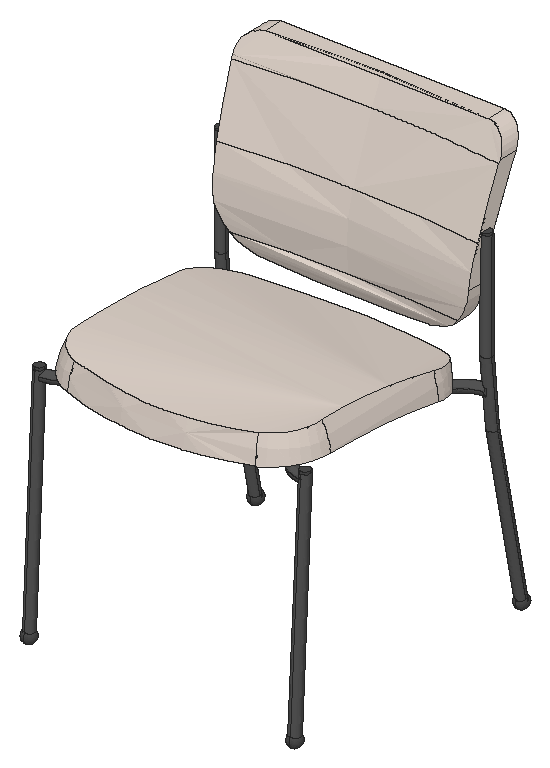
Revit family "Seating_Inc-Monterey_ll_Guest", category Furniture, Revit 2014
Parameters (values of type "Q-3MO43-A")
  Width = 20 1/2"
  URL = "www.seatinginc.com"
  Type Comments = "Quick Configuration"  # constant formula
  Seat Finish = STI - Leather
  Salvage or Reuse = yes
  Plastic Finish = STI - Plastic Black
  Percentage of Recycled Content = 0
  Model = "Q-3MO43-A"
  Manufacturer = "Seating Inc"  # constant formula
  Low Emitting Material = yes
  Low Emitting Finish = yes
  Leg Finish = STI - Power Coat - Black
  Leg Dist = 16 7/8"
  Keynote = "12500"
  Height = 32"
  Hardware = 17.6698"
  Glide Finish = STI - Plastic Black
  Description = "Monterey II Guest Guest Armless 20.5W x 23.25D x 32H"
  Depth = 23 1/4"
  Back Finish = STI - Leather
  Assembly Code = "E2020200"
  Arm V = no
  Arm Finish = STI - Plastic Black
Types (3): name | Width | Model | Leg Dist | Height | Hardware | Description | Depth | Arm V
  (no name) | 20 1/2" | "Q-3MO43-A" | 16 7/8" | 32" | 17.6698" | "Monterey II Guest Guest Armless 20.5W x 23.25D x 32H" | 23 1/4" | no
  Q-3MO43-A | 20 1/2" | "Q-3MO43-A" | 16 7/8" | 32" | 17.6698" | "Monterey II Guest Guest Armless 20.5W x 23.25D x 32H" | 23 1/4" | no
  Q-3MO44-B | 24" | "Q-3MO44-B" | 25 1/4" | 31 1/2" | 26 1/32" | "Monterey II Guest Guest with Arms 24W x 23.25D x 32H" | 23 3/4" | yes
Reference planes (in)
  plane 1 "Center Front/Back": y = 0
  plane 2: z = 0
  plane 3 "Center Left/Right": x = 0
Forms (in)
  Blend 1, solid, material "STI - Power Coat - Black" <- "Leg Finish"
    base sketch origin (-2.77027, -2.99565, 0.875) x (0, -1, 0) y (1, 0, 0)
      loop
        circle (4.82088, -6.97033) r 0.375
    top sketch origin (-2.77027, -2.99565, 0) x (0, -1, 0) y (1, 0, 0)
      loop
        circle (3.87848, -6.97033) r 0.375
    from -0.08475 to 17.66525
  Revolve 2, solid, material "STI - Plastic Black" <- "Glide Finish"
    sketch origin (-9.7406, 0, 0) x (0, 1, 0) y (0, 0, 1)
      loop
        line (-7.81653, 1) -> (-7.81653, 0)
        arc (-7.81653, 0) -> (-7.31653, 0.5) -> (-7.81653, 1) r 0.5
      axis (-7.81653, 1) -> (-7.81653, 0)
    angle from 0 to 360
  Blend 3, solid, material "STI - Power Coat - Black" <- "Leg Finish"
    base sketch origin (2.77027, -2.99565, 0.875) x (0, -1, 0) y (1, 0, 0)
      loop
        circle (4.82088, 6.97033) r 0.375
    top sketch origin (2.77027, -2.99565, 0) x (0, -1, 0) y (1, 0, 0)
      loop
        circle (3.87848, 6.97033) r 0.375
    from -0.08475 to 17.66525
  Revolve 4, solid, material "STI - Plastic Black" <- "Glide Finish"
    sketch origin (9.7406, 0, 0) x (0, 1, 0) y (0, 0, -1)
      loop
        arc (-7.81653, -1) -> (-7.31653, -0.5) -> (-7.81653, 0) r 0.5
        line (-7.81653, 0) -> (-7.81653, -1)
      axis (-7.81653, -1) -> (-7.81653, 0)
    angle from 0 to 360
  Sweep 5, solid, material "STI - Power Coat - Black" <- "Leg Finish"
    path origin (-9.741, -5.15274, -5.3246) x (0, 1, 0) y (0, 0, 1)
      loop
        line (14.92089, 31.35235) -> (14.92089, 23.37993)
        arc (14.92089, 23.37993) -> (15.05273, 20.85471) -> (15.44681, 18.35695) r 24.25
        line (15.44681, 18.35695) -> (18.10825, 5.78669)
    profile origin (-9.741, 9.76815, 22.04154) x (1, 0, 0) y (0, 1, 0)
      loop
        circle (0, 0) r 0.375
  Revolve 6, solid, material "STI - Plastic Black" <- "Glide Finish"
    sketch origin (-9.7406, 20.7731, 0) x (0, 1, 0) y (0, 0, 1)
      loop
        line (-7.81653, 1) -> (-7.81653, 0)
        arc (-7.81653, 0) -> (-7.31653, 0.5) -> (-7.81653, 1) r 0.5
      axis (-7.81653, 1) -> (-7.81653, 0)
    angle from 0 to 360
  Revolve 7, solid, material "STI - Plastic Black" <- "Glide Finish"
    sketch origin (9.7406, 20.7731, 0) x (0, 1, 0) y (0, 0, -1)
      loop
        arc (-7.81653, -1) -> (-7.31653, -0.5) -> (-7.81653, 0) r 0.5
        line (-7.81653, 0) -> (-7.81653, -1)
      axis (-7.81653, -1) -> (-7.81653, 0)
    angle from 0 to 360
  Sweep 8, solid, material "STI - Power Coat - Black" <- "Leg Finish"
    path origin (9.741, -5.15274, -5.3246) x (0, 1, 0) y (0, 0, -1)
      loop
        line (14.92089, -31.35235) -> (14.92089, -23.37993)
        arc (14.92089, -23.37993) -> (15.05273, -20.85471) -> (15.44681, -18.35695) r 24.25
        line (15.44681, -18.35695) -> (18.10825, -5.78669)
    profile origin (9.741, 9.76815, 22.04154) x (-1, 0, 0) y (0, -1, 0)
      loop
        circle (0, 0) r 0.375
  Sweep 9, solid, material "STI - Power Coat - Black" <- "Leg Finish"
    path origin (-1.875, -0.19224, 16.11549) x (1, 0, 0) y (0, 0.995453, -0.095252)
      loop
        arc (-7.88743, -6.7646) -> (-6.42845, -6.16027) -> (-5.82413, -4.7013) r 2.0633
        line (-5.82413, -4.7013) -> (-5.82413, 8.00964)
        arc (-5.82413, 8.00964) -> (-6.42845, 9.46861) -> (-7.88743, 10.07294) r 2.0633
    profile origin (-7.69913, 1.45441, 15.95793) x (-1, 0, 0) y (0, 0.095252, 0.995453)
      loop
        circle (0, 0.5) r 0.375
  Sweep 10, solid, material "STI - Power Coat - Black" <- "Leg Finish"
    path origin (1.875, -0.19224, 16.11549) x (-1, 0, 0) y (0, -0.995453, 0.095252)
      loop
        arc (-7.88743, 6.7646) -> (-6.42845, 6.16027) -> (-5.82413, 4.7013) r 2.0633
        line (-5.82413, 4.7013) -> (-5.82413, -8.00964)
        arc (-5.82413, -8.00964) -> (-6.42845, -9.46861) -> (-7.88743, -10.07294) r 2.0633
    profile origin (7.69913, 1.45441, 15.95793) x (-1, 0, 0) y (0, 0.095252, 0.995453)
      loop
        circle (0, 0.5) r 0.375
  Extrusion 11, solid, material "STI - Plastic Black" <- "Plastic Finish"
    sketch origin (0, -16.64228, -7.60073) x (1, 0, 0) y (0, 1, 0)
      loop
        circle (-9.741, 9.76815) r 0.36147
    from 25.27053 to 25.42053
  Extrusion 12, solid, material "STI - Plastic Black" <- "Plastic Finish"
    sketch origin (0, 0, 0.75723) x (-1, 0, 0) y (0, -1, 0)
      loop
        circle (-9.741, -9.76815) r 0.36147
    from 25.27053 to 25.42053
  Extrusion 13, solid, material "STI - Plastic Black" <- "Plastic Finish"
    sketch origin (0, -16.64228, -7.60073) x (-1, 0, 0) y (0, -1, 0)
      loop
        circle (-9.741, -9.76815) r 0.36147
    from 25.27053 to 25.42053
  Sweep 14, solid, material "STI - Leather" <- "Seat Finish"
    path origin (0, 0, -30.32893) x (1, 0, 0) y (0, 0, 1)
      loop
        arc (-10.52093, 48.8897) -> (0, 48.59123) -> (10.52093, 48.8897) r 185.5779
    profile origin (0, 0, 18.2623) x (0, 0, 1) y (0, -1, 0)
      loop
        line (0.71232, 10.02349) -> (-1.09956, 10.02349)
        arc (-1.09956, 10.02349) -> (-1.03554, -0.75142) -> (-3.16512, -11.31399) r 52.6816
        line (-3.16512, -11.31399) -> (-1.37216, -11.31399)
        arc (-1.37216, -11.31399) -> (0.95547, -0.77082) -> (0.71232, 10.02349) r 45.1318
  Sweep 15, void
    path origin (0, -37.49845, 0) x (1, 0, 0) y (0, 1, 0)
      loop
        arc (-6.51959, 45.19073) -> (-7.74255, 44.36235) -> (-8.2144, 42.96263) r 2.312
        line (-8.2144, 42.96263) -> (-8.2144, 33.19141)
        arc (-8.2144, 33.19141) -> (-7.74255, 31.79169) -> (-6.51959, 30.96331) r 2.312
        arc (-6.51959, 30.96331) -> (0, 30.07702) -> (6.51959, 30.96331) r 24.4224
        arc (6.51959, 30.96331) -> (7.74255, 31.79169) -> (8.2144, 33.19141) r 2.312
        line (8.2144, 33.19141) -> (8.2144, 42.96263)
        arc (8.2144, 42.96263) -> (7.74255, 44.36235) -> (6.51959, 45.19073) r 2.312
        arc (6.51959, 45.19073) -> (0, 46.07702) -> (-6.51959, 45.19073) r 24.4224
    profile origin (0, 8.57857, 0) x (0, 1, 0) y (0, 0, 1)
      loop
        arc (0.17619, 20.49211) -> (1.3109, 17.89976) -> (1.13126, 15.07566) r 6
        line (1.13126, 15.07566) -> (5.33119, 15.07566) -> (5.33119, 20.49211) -> (0.17619, 20.49211)
  Extrusion 16, solid, material "STI - Plastic Black" <- "Plastic Finish"
    sketch origin (-19.482, 0, 0.75723) x (-1, 0, 0) y (0, -1, 0)
      loop
        circle (-9.741, -9.76815) r 0.36147
    from 25.27053 to 25.42053
  Sweep 17, solid, material "STI - Leather" <- "Back Finish"
    path origin (0, -25.75, 0) x (1, 0, 0) y (0, 1, 0)
      loop
        arc (-11.95329, 44.11598) -> (0, 44.89944) -> (11.95329, 44.11598) r 91.57773
    profile origin (0, 19.14944, 0) x (0, 1, 0) y (0, 0, 1)
      loop
        arc (-9.89737, 20.17613) -> (-9.01792, 17.89916) -> (-7.30461, 16.16059) r 6.00255
        line (-7.30461, 16.16059) -> (-6.61128, 17.20068)
        arc (-6.61128, 17.20068) -> (-7.9678, 18.5772) -> (-8.6641, 20.38001) r 4.75255
        arc (-8.6641, 20.38001) -> (-8.76158, 22.79256) -> (-8.26646, 25.15578) r 9.80416
        arc (-8.26646, 25.15578) -> (-7.45552, 27.42499) -> (-6.58474, 29.67192) r 90.94179
        arc (-6.58474, 29.67192) -> (-5.57372, 31.79429) -> (-4.30961, 33.77637) r 19.09772
        line (-4.30961, 33.77637) -> (-5.32014, 34.51212)
        arc (-5.32014, 34.51212) -> (-6.667, 32.40031) -> (-7.74419, 30.13902) r 20.34772
        arc (-7.74419, 30.13902) -> (-8.62694, 27.8612) -> (-9.44902, 25.5608) r 92.19179
        arc (-9.44902, 25.5608) -> (-10.00727, 22.89628) -> (-9.89737, 20.17613) r 11.05416
  Extrusion 18, void
    sketch origin (0, -34.375, 0) x (1, 0, 0) y (0, 0, 1)
      loop
        arc (-8.18934, 32.07518) -> (-9.37031, 31.56677) -> (-9.81268, 30.35952) r 1.62582
        line (-9.81268, 30.35952) -> (-9.38522, 22.63613)
        arc (-9.38522, 22.63613) -> (-8.3654, 20.1823) -> (-6.03302, 18.90898) r 4
        arc (-6.03302, 18.90898) -> (0.0009, 18.42242) -> (6.03464, 18.91128) r 37.56843
        arc (6.03464, 18.91128) -> (8.36602, 20.18492) -> (9.38534, 22.63818) r 4
        line (9.38534, 22.63818) -> (9.81273, 30.36038)
        arc (9.81273, 30.36038) -> (9.37058, 31.56703) -> (8.19021, 32.07518) r 1.625
        line (8.19021, 32.07518) -> (-8.18934, 32.07518)
      loop
        line (-12.39139, 34.58281) -> (-12.39139, 15.40157) -> (12.15022, 15.40157) -> (12.15022, 34.58281) -> (-12.39139, 34.58281)
    from -49.54273 to -42.10773
Cuts and joins
  Sweep 15 cuts Sweep 14
  Extrusion 18 cuts Sweep 17
Lines and regions (in)
  symbolic lines
    curve 1: line (-9.55464, -4.30704, 0) -> (-9.61619, 5.46418, 0)
    curve 2: line (-6.88522, -7.85509, 0) -> (-9.55464, -4.30704, 0)
    curve 3: line (6.88522, -7.85509, 0) -> (-6.88522, -7.85509, 0)
    curve 4: line (9.55464, -4.30704, 0) -> (6.88522, -7.85509, 0)
    curve 5: line (9.61619, 5.46418, 0) -> (9.55464, -4.30704, 0)
    curve 8: line (-10.116, 9.76815, 0) -> (-10.116, 12.89888, 0)
    curve 9: arc (-10.116, 12.62992, 0) -> (-9.93111, 13.42085, 0) -> (-9.24278, 12.98963, 0) r 0.49914
    curve 12: line (10.116, 9.76815, 0) -> (10.116, 12.89888, 0)
    curve 13: arc (10.116, 12.62992, 0) -> (9.93925, 13.41741, 0) -> (9.24417, 13.00724, 0) r 0.49914
    curve 26: arc (-9.61619, 5.46418, 0) -> (-9.08714, 7.38007, 0) -> (-7.64318, 8.74591, 0) r 3.70063
    curve 27: arc (9.61619, 5.46418, 0) -> (9.08714, 7.38007, 0) -> (7.64318, 8.74591, 0) r 3.70063
    curve 28: arc (-9.7406, -7.24913, 0) -> (-9.3656, -6.87413, 0) -> (-9.7406, -6.49913, 0) r 0.375
    curve 29: arc (-9.7406, -6.49913, 0) -> (-10.1156, -6.87413, 0) -> (-9.7406, -7.24913, 0) r 0.375
    curve 30: arc (8.19021, 13.34439, 0) -> (0.00043, 13.73453, 0) -> (-8.18934, 13.34447, 0) r 86.16282
    curve 31: line (-8.18934, 13.34447, 0) -> (-9.81268, 12.29108, 0)
    curve 32: line (9.81273, 12.29147, 0) -> (8.19021, 13.34439, 0)
    curve 33: arc (-8.18934, 11.9094, 0) -> (0.00043, 12.30606, 0) -> (8.19021, 11.90931, 0) r 84.73436
    curve 34: line (8.19021, 11.90931, 0) -> (9.81273, 10.9203, 0)
    curve 35: line (-9.81268, 10.91995, 0) -> (-8.18934, 11.9094, 0)
    curve 36: spline (-9.80047, 10.8304, 0) -> (-9.77956, 10.68054, 0) -> (-9.7586, 10.53235, 0) -> (-9.73761, 10.38586, 0) -> (-9.71659, 10.24106, 0) -> (-9.69552, 10.09796, 0) -> (-9.67443, 9.95655, 0) -> (-9.6533, 9.81684, 0) -> (-9.63213, 9.67884, 0) -> (-9.61093, 9.54255, 0) -> (-9.5897, 9.40796, 0) -> (-9.56844, 9.27508, 0) -> (-9.54714, 9.14392, 0)
    curve 37: spline (-9.54714, 9.14392, 0) -> (-9.53403, 9.06679, 0) -> (-9.52084, 8.99506, 0) -> (-9.50755, 8.92877, 0) -> (-9.49418, 8.86796, 0) -> (-9.48075, 8.81265, 0) -> (-9.46724, 8.76288, 0) -> (-9.45368, 8.71868, 0) -> (-9.44006, 8.68006, 0) -> (-9.4264, 8.64704, 0) -> (-9.41271, 8.61964, 0) -> (-9.39898, 8.59788, 0) -> (-9.38522, 8.58177, 0)
    curve 38: spline (9.54714, 9.14392, 0) -> (9.56844, 9.27508, 0) -> (9.5897, 9.40796, 0) -> (9.61093, 9.54255, 0) -> (9.63213, 9.67884, 0) -> (9.6533, 9.81684, 0) -> (9.67443, 9.95655, 0) -> (9.69552, 10.09796, 0) -> (9.71659, 10.24106, 0) -> (9.73761, 10.38586, 0) -> (9.7586, 10.53235, 0) -> (9.77956, 10.68054, 0) -> (9.80047, 10.8304, 0)
    curve 39: spline (9.38522, 8.58177, 0) -> (9.39898, 8.59788, 0) -> (9.4127, 8.61964, 0) -> (9.4264, 8.64704, 0) -> (9.44006, 8.68005, 0) -> (9.45368, 8.71868, 0) -> (9.46724, 8.76288, 0) -> (9.48075, 8.81265, 0) -> (9.49418, 8.86796, 0) -> (9.50755, 8.92877, 0) -> (9.52084, 8.99506, 0) -> (9.53403, 9.06679, 0) -> (9.54714, 9.14392, 0)
    curve 40: spline (9.81273, 10.9203, 0) -> (9.81171, 10.91271, 0) -> (9.81069, 10.90514, 0) -> (9.80967, 10.89758, 0) -> (9.80865, 10.89004, 0) -> (9.80763, 10.88253, 0) -> (9.80661, 10.87502, 0) -> (9.80559, 10.86754, 0) -> (9.80456, 10.86008, 0) -> (9.80354, 10.85263, 0) -> (9.80252, 10.8452, 0) -> (9.8015, 10.8378, 0) -> (9.80047, 10.8304, 0)
    curve 41: spline (-9.80047, 10.8304, 0) -> (-9.80149, 10.83777, 0) -> (-9.80251, 10.84515, 0) -> (-9.80353, 10.85254, 0) -> (-9.80455, 10.85996, 0) -> (-9.80557, 10.8674, 0) -> (-9.80658, 10.87485, 0) -> (-9.8076, 10.88232, 0) -> (-9.80862, 10.88981, 0) -> (-9.80963, 10.89732, 0) -> (-9.81065, 10.90484, 0) -> (-9.81166, 10.91238, 0) -> (-9.81268, 10.91995, 0)
    curve 42: arc (-9.38522, 8.58177, 0) -> (-9.33906, 8.57097, 0) -> (-9.29184, 8.57524, 0) r 0.14883
    curve 43: arc (9.38522, 8.58177, 0) -> (9.33906, 8.57097, 0) -> (9.29184, 8.57524, 0) r 0.14883
    curve 44: arc (9.29184, 8.57524, 0) -> (0, 9.10185, 0) -> (-9.29184, 8.57524, 0) r 82.23779
    curve 45: line (-9.81268, 12.29108, 0) -> (-9.81268, 10.98287, 0)
    curve 46: line (9.81273, 12.29147, 0) -> (9.81273, 11.04147, 0)
  symbolic lines, style "FurnitureHiddenLines"
    curve 6: arc (-10.116, 9.76815, 0) -> (-9.92443, 9.44108, 0) -> (-9.54545, 9.44818, 0) r 0.375
    curve 7: arc (-9.56548, 9.43677, 0) -> (-9.5476, 10.08944, 0) -> (-10.116, 9.76815, 0) r 0.375
    curve 10: arc (10.116, 9.76815, 0) -> (9.92443, 9.44108, 0) -> (9.54545, 9.44818, 0) r 0.375
    curve 11: arc (9.54545, 9.44818, 0) -> (9.55757, 10.09523, 0) -> (10.116, 9.76815, 0) r 0.375
    curve 14: arc (9.7406, -7.24913, 0) -> (10.1156, -6.87413, 0) -> (9.7406, -6.49913, 0) r 0.375
    curve 15: arc (9.7406, -6.49913, 0) -> (9.3656, -6.87413, 0) -> (9.7406, -7.24913, 0) r 0.375
  symbolic lines, style "Furniture"
    curve 16: arc (9.3656, -7.4827, 0) -> (9.73844, -8.31908, 0) -> (10.1156, -7.48464, 0) r 0.50187
    curve 17: line (9.3656, -7.21981, 0) -> (9.3656, -7.81152, 0)
    curve 18: line (10.1156, -6.87413, 0) -> (10.1156, -7.81151, 0)
    curve 19: arc (-9.3656, -7.4827, 0) -> (-9.73844, -8.31908, 0) -> (-10.1156, -7.48464, 0) r 0.50187
    curve 20: line (-9.3656, -7.21981, 0) -> (-9.3656, -7.81152, 0)
    curve 21: line (-10.1156, -6.87413, 0) -> (-10.1156, -7.81151, 0)
    curve 22: arc (9.62771, -7.24726, 0) -> (9.08111, -7.15645, 0) -> (8.56953, -6.9436, 0) r 2.41823
    curve 23: arc (9.7406, -6.49913, 0) -> (9.37496, -6.45774, 0) -> (9.02834, -6.3342, 0) r 1.60597
    curve 24: arc (-9.62771, -7.24726, 0) -> (-9.08111, -7.15645, 0) -> (-8.56953, -6.9436, 0) r 2.41823
    curve 25: arc (-9.7406, -6.49913, 0) -> (-9.37496, -6.45774, 0) -> (-9.02834, -6.3342, 0) r 1.60597
Dimensions and locks (in)
  locked: level to Blend 1 at 0.79025
  "Leg Dist": Blend 1 to Blend 1
  "Leg Dist": Blend 1 to Blend 3
  locked: Extrusion 11 to Extrusion 11 at 0.15
  "Hardware": level to Extrusion 11
  locked: Extrusion 13 to Extrusion 13 at 0.15
  "Hardware": level to Extrusion 13
  aligned and locked: level to plane 2
  aligned and locked: curve 30 to cut or joined group of Sweep 17, Extrusion 18
  aligned and locked: curve 33 to cut or joined group of Sweep 17, Extrusion 18
Automatic sketch dimensions
  plane 1 "Center Front/Back" to Blend 1 sketch curve = 7.81653"
  Blend 1 sketch curve to plane 3 "Center Left/Right" = 9.7406"  (x2)
  plane 1 "Center Front/Back" to Blend 1 sketch curve = 6.87413"
  plane 1 "Center Front/Back" to Blend 3 sketch curve = 7.81653"
  plane 3 "Center Left/Right" to Blend 3 sketch curve = 9.7406"
  Blend 3 sketch curve to plane 1 "Center Front/Back" = 6.87413"
  Blend 3 sketch curve to plane 3 "Center Left/Right" = 9.7406"
  Sweep 9 sketch curve to plane 3 "Center Left/Right" = 9.76243"  (x2)
  Sweep 9 sketch curve to Sweep 9 sketch curve = 2.0633"
  Sweep 9 sketch curve to Sweep 9 sketch curve = 12 91/128"
  Sweep 9 sketch curve to profile plane = 0"
  profile plane to Sweep 9 sketch curve = 1/2"
  plane 3 "Center Left/Right" to Sweep 10 sketch curve = 9.76243"  (x2)
  Sweep 10 sketch curve to Sweep 10 sketch curve = 2.0633"
  Sweep 10 sketch curve to Sweep 10 sketch curve = 12 91/128"
  Sweep 10 sketch curve to profile plane = 0"
  profile plane to Sweep 10 sketch curve = 1/2"
  Extrusion 11 sketch curve to plane 3 "Center Left/Right" = 9.741"
  plane 1 "Center Front/Back" to Extrusion 11 sketch curve = 6.87413"
  plane 3 "Center Left/Right" to Extrusion 12 sketch curve = 9.741"
  Extrusion 12 sketch curve to plane 1 "Center Front/Back" = 9.76815"
  plane 3 "Center Left/Right" to Extrusion 13 sketch curve = 9.741"
  plane 1 "Center Front/Back" to Extrusion 13 sketch curve = 6.87413"
  Sweep 15 sketch curve to plane 3 "Center Left/Right" = 0"  (x2)
  Sweep 15 sketch curve to plane 3 "Center Left/Right" = 5.9024"  (x2)
  Sweep 15 sketch curve to Sweep 15 sketch curve = 2.312"  (x2)
  plane 3 "Center Left/Right" to Sweep 15 sketch curve = 5.9024"  (x2)
  plane 1 "Center Front/Back" to Sweep 15 sketch curve = 15.84383"
  plane 1 "Center Front/Back" to Sweep 15 sketch curve = 4.30704"  (x2)
  Sweep 15 sketch curve to plane 1 "Center Front/Back" = 5.46418"  (x2)
  Sweep 15 sketch curve to Sweep 15 sketch curve = 9.30869"
  Sweep 15 sketch curve to Sweep 15 sketch curve = 0"  (x2)
  Extrusion 16 sketch curve to plane 3 "Center Left/Right" = 9.741"
  Extrusion 16 sketch curve to plane 1 "Center Front/Back" = 9.76815"
  plane 3 "Center Left/Right" to Sweep 17 sketch curve = 0"
  plane 1 "Center Front/Back" to Sweep 17 sketch curve = 72.42829"
  Sweep 17 sketch curve to plane 3 "Center Left/Right" = 11.95329"
  plane 3 "Center Left/Right" to Sweep 17 sketch curve = 11.95329"
  Sweep 17 sketch curve to plane 1 "Center Front/Back" = 18.36598"
  Revolve 2 sketch curve to level = 0"
  level to Revolve 2 sketch curve = 1"
  plane 1 "Center Front/Back" to Revolve 2 sketch curve = 7.81653"
  Revolve 2 sketch curve to Revolve 2 sketch curve = 0"
  Revolve 2 sketch curve to level = 1"
  Revolve 2 sketch curve to Revolve 2 sketch curve = 1 1/2"
  Revolve 4 sketch curve to level = 0"
  level to Revolve 4 sketch curve = 1"
  plane 1 "Center Front/Back" to Revolve 4 sketch curve = 7.81653"
  Revolve 4 sketch curve to Revolve 4 sketch curve = 0"
  Revolve 4 sketch curve to Revolve 4 sketch curve = 1 1/2"
  Revolve 4 sketch curve to Revolve 4 sketch curve = 1"
  profile plane to Sweep 5 sketch curve = 0"
  Sweep 5 sketch curve to profile plane = 0"
  Revolve 6 sketch curve to level = 0"
  level to Revolve 6 sketch curve = 1"
  Revolve 6 sketch curve to plane 1 "Center Front/Back" = 12.95657"
  Revolve 6 sketch curve to Revolve 6 sketch curve = 0"
  Revolve 6 sketch curve to Revolve 6 sketch curve = 1"
  Revolve 6 sketch curve to Revolve 6 sketch curve = 1 1/2"
  Revolve 7 sketch curve to level = 0"
  level to Revolve 7 sketch curve = 1"
  Revolve 7 sketch curve to plane 1 "Center Front/Back" = 12.95657"
  Revolve 7 sketch curve to Revolve 7 sketch curve = 0"
  Revolve 7 sketch curve to Revolve 7 sketch curve = 1 1/2"
  Revolve 7 sketch curve to Revolve 7 sketch curve = 1"
  Sweep 8 sketch curve to profile plane = 0"  (x2)
  Sweep 14 sketch curve to plane 3 "Center Left/Right" = 0"
  level to Sweep 14 sketch curve = 203.8402"
  Sweep 14 sketch curve to plane 3 "Center Left/Right" = 10.52093"
  plane 3 "Center Left/Right" to Sweep 14 sketch curve = 10.52093"
  level to Sweep 14 sketch curve = 18.56077"
  plane 1 "Center Front/Back" to Sweep 14 sketch curve = 4.32465"
  profile plane to Sweep 14 sketch curve = 53.47202"
  plane 1 "Center Front/Back" to Sweep 14 sketch curve = 3.61725"
  Sweep 14 sketch curve to Sweep 14 sketch curve = 9.50952"
  profile plane to Sweep 14 sketch curve = 3.16512"
  profile plane to Sweep 14 sketch curve = 1.37216"
  profile plane to Sweep 14 sketch curve = 1.09956"
  Sweep 14 sketch curve to profile plane = 0.71232"
  profile plane to Sweep 15 sketch curve = 4.59794"
  Sweep 15 sketch curve to profile plane = 0.17619"
  Sweep 15 sketch curve to profile plane = 1.13126"
  Sweep 15 sketch curve to Sweep 15 sketch curve = 5.15499"
  level to Sweep 15 sketch curve = 15.07566"
  Sweep 15 sketch curve to Sweep 15 sketch curve = 1.78221"
  Sweep 17 sketch curve to Sweep 17 sketch curve = 0"  (x11)
  profile plane to Sweep 17 sketch curve = 7.30461"
  Sweep 17 sketch curve to Sweep 17 sketch curve = 0.69333"
  profile plane to Sweep 17 sketch curve = 5.32014"
  Sweep 17 sketch curve to Sweep 17 sketch curve = 1.01053"
  profile plane to Sweep 17 sketch curve = 3.97519"
  Sweep 17 sketch curve to profile plane = 1.00877"
  Sweep 17 sketch curve to Sweep 17 sketch curve = 10.12074"
  Sweep 17 sketch curve to level = 4.31096"
  Sweep 17 sketch curve to Sweep 17 sketch curve = 66.6396"
  level to Sweep 17 sketch curve = 16.16059"
  Sweep 17 sketch curve to Sweep 17 sketch curve = 1.04009"
  Sweep 17 sketch curve to Sweep 17 sketch curve = 3.95446"
  Sweep 17 sketch curve to Sweep 17 sketch curve = 0.82391"
  Sweep 17 sketch curve to Sweep 17 sketch curve = 0.55648"
  Sweep 17 sketch curve to Sweep 17 sketch curve = 12.62122"
  Sweep 17 sketch curve to Sweep 17 sketch curve = 0.73574"
  Sweep 17 sketch curve to Sweep 17 sketch curve = 1.18256"
  Extrusion 18 sketch curve to plane 3 "Center Left/Right" = 12.39139"
  Extrusion 18 sketch curve to Extrusion 18 sketch curve = 2.57871"
  Extrusion 18 sketch curve to Extrusion 18 sketch curve = 0.42745"
  Extrusion 18 sketch curve to Extrusion 18 sketch curve = 1.62333"
  Extrusion 18 sketch curve to Extrusion 18 sketch curve = 3.99389"  (x2)
  Extrusion 18 sketch curve to plane 3 "Center Left/Right" = 0.00624"
  plane 3 "Center Left/Right" to Extrusion 18 sketch curve = 5.39145"
  Extrusion 18 sketch curve to Extrusion 18 sketch curve = 2.79876"
  Extrusion 18 sketch curve to Extrusion 18 sketch curve = 1.62252"
  Extrusion 18 sketch curve to Extrusion 18 sketch curve = 3.96001"
  level to Extrusion 18 sketch curve = 15.40157"
  Extrusion 18 sketch curve to Extrusion 18 sketch curve = 7.23456"
  Extrusion 18 sketch curve to Extrusion 18 sketch curve = 7.23661"
  Extrusion 18 sketch curve to Extrusion 18 sketch curve = 0.22104"  (x2)
  Extrusion 18 sketch curve to Extrusion 18 sketch curve = 7.72338"
  Extrusion 18 sketch curve to Extrusion 18 sketch curve = 7.7222"
  Extrusion 18 sketch curve to Extrusion 18 sketch curve = 23/256"
  Extrusion 18 sketch curve to Extrusion 18 sketch curve = 2.50763"
  Extrusion 18 sketch curve to Extrusion 18 sketch curve = 21.40804"
  Extrusion 18 sketch curve to Extrusion 18 sketch curve = 0"
  curve 6 to curve 7 = 0"
  curve 10 to curve 11 = 0"  (x2)
  curve 44 to plane 3 "Center Left/Right" = 0"
  curve 26 to plane 3 "Center Left/Right" = 5.91558"
  curve 2 to plane 3 "Center Left/Right" = 6.88522"
  curve 35 to curve 26 = 2.27377"
  curve 31 to curve 33 = 0"
  curve 42 to curve 33 = 1.13933"
  plane 1 "Center Front/Back" to curve 2 = 4.30704"
  curve 2 to curve 2 = 2.66941"
  curve 1 to plane 1 "Center Front/Back" = 5.46418"
  curve 1 to curve 42 = 0.28752"
  curve 25 to curve 1 = 0.18261"
  curve 19 to curve 2 = 2.85451"
  curve 28 to curve 19 = 0.00086"
  curve 7 to curve 42 = 0.41232"
  curve 9 to curve 30 = 1.55166"
  curve 24 to curve 25 = 0.0109"
  curve 45 to curve 9 = 0.07168"
  curve 35 to curve 45 = 0"
  curve 8 to curve 6 = 3/8"
  plane 3 "Center Left/Right" to curve 27 = 5.91558"
  plane 3 "Center Left/Right" to curve 4 = 6.88522"
  plane 3 "Center Left/Right" to curve 32 = 8.19021"
  curve 34 to curve 30 = 0"
  curve 33 to curve 43 = 1.13847"
  plane 1 "Center Front/Back" to curve 4 = 4.30704"
  curve 3 to curve 4 = 2.66941"
  curve 5 to plane 1 "Center Front/Back" = 5.46418"
  curve 43 to curve 5 = 0.28752"
  curve 4 to curve 23 = 0.18261"
  curve 3 to curve 16 = 2.85451"
  curve 16 to curve 15 = 0.00086"
  curve 43 to curve 10 = 0.41232"
  curve 30 to curve 13 = 1 141/256"
  curve 23 to curve 22 = 0.0109"
  curve 10 to curve 34 = 0.07173"
  curve 10 to curve 12 = 3/8"
  curve 44 to curve 33 = 0.70765"
  curve 2 to curve 1 = 3.54805"
  curve 3 to curve 16 = 0.03788"
  curve 2 to curve 19 = 0.03788"
  curve 16 to curve 14 = 0.94308"
  curve 19 to curve 28 = 0.94308"
  curve 25 to curve 1 = 0.58612"
  curve 23 to curve 4 = 0.58612"
  curve 25 to curve 24 = 0.06113"
  curve 23 to curve 22 = 0.06113"
  curve 1 to curve 26 = 0.0091"
  curve 5 to curve 27 = 0.0091"
  curve 26 to curve 42 = 3.25525"
  curve 27 to curve 43 = 3.25525"
  curve 42 to curve 7 = 1.04872"
  curve 43 to curve 10 = 1.04872"
  curve 6 to curve 35 = 1.15179"
  curve 10 to curve 34 = 1.15215"
  curve 35 to curve 31 = 1.37114"
  curve 13 to curve 30 = 0.38505"
  curve 31 to curve 9 = 0.66825"
  curve 42 to curve 26 = 1.6855"
  curve 36 to plane 3 "Center Left/Right" = 7.92957"
  curve 28 to curve 24 = 1.17107"
  curve 25 to curve 25 = 0.71226"
  curve 9 to curve 9 = 0.49822"
  curve 42 to curve 42 = 0.03684"
  curve 37 to curve 44 = 0.06105"
  curve 28 to curve 19 = 3/8"
  curve 37 to curve 37 = 0.03233"
  curve 6 to curve 41 = 0.35334"
  curve 6 to curve 41 = 0.15779"
  curve 37 to curve 41 = 0.15948"
  curve 7 to curve 6 = 0.02003"
  curve 28 to curve 24 = 0.11289"
  curve 41 to curve 41 = 0.01221"
  curve 21 to curve 19 = 0.37586"
  curve 38 to curve 5 = 1.68662"
  curve 22 to curve 14 = 1.17107"
  curve 23 to curve 23 = 0.71226"
  curve 13 to curve 13 = 0.49683"
  curve 44 to curve 43 = 0.03684"
  curve 30 to curve 39 = 1.16268"
  curve 17 to curve 16 = 0.37414"
  curve 39 to curve 39 = 0.03233"
  plane 3 "Center Left/Right" to curve 40 = 9.38766"
  curve 40 to curve 11 = 0.15779"
  curve 40 to curve 39 = 0.15948"
  curve 22 to curve 14 = 0.11289"
  curve 40 to curve 34 = 0.01225"
  curve 46 to curve 13 = 0.30327"
  curve 14 to curve 16 = 3/8"
  curve 19 to curve 20 = 0.0057"
  curve 16 to curve 17 = 0.0057"
  curve 19 to curve 21 = 0.00571"
  curve 16 to curve 18 = 0.00571"
  curve 18 to curve 16 = 0.32686"
  curve 21 to curve 19 = 0.32686"
  curve 14 to curve 22 = 0.00187"
  curve 28 to curve 24 = 0.00187"
  curve 21 to curve 28 = 0"
  curve 14 to curve 18 = 0"
  curve 38 to curve 5 = 1.13134"
  curve 36 to curve 1 = 1.13134"
  curve 37 to curve 42 = 0.0156"
  curve 39 to curve 39 = 0.0156"
  curve 39 to curve 11 = 0.30426"
  curve 37 to curve 7 = 0.29284"
  curve 41 to curve 6 = 0.05146"
  curve 40 to curve 11 = 0.05145"
  curve 36 to curve 41 = 0.08954"
  curve 38 to curve 34 = 0.0899"
  curve 35 to curve 45 = 0.06293"
  curve 40 to curve 46 = 0.12117"
  curve 46 to curve 13 = 0.66787"
  curve 32 to curve 13 = 0.33846"
  curve 31 to curve 9 = 0.33884"
  curve 13 to curve 12 = 0.26896"
  curve 9 to curve 8 = 0.26896"
  Sweep 5 sketch curve to plane 1 "Center Front/Back" = 9.76815"
  Sweep 5 sketch curve to Sweep 5 sketch curve = 0.52592"
  Sweep 5 sketch curve to Sweep 5 sketch curve = 23.72408"
  level to Sweep 5 sketch curve = 13.03235"
  level to Sweep 5 sketch curve = 0.46209"
  Sweep 5 sketch curve to Sweep 5 sketch curve = 2.66144"
  Sweep 5 sketch curve to Sweep 5 sketch curve = 7.97242"
  Sweep 8 sketch curve to plane 1 "Center Front/Back" = 9.76815"
  Sweep 8 sketch curve to Sweep 8 sketch curve = 0.52592"
  Sweep 8 sketch curve to Sweep 8 sketch curve = 24 1/4"
  level to Sweep 8 sketch curve = 18.05533"
  level to Sweep 8 sketch curve = 0.46209"
  Sweep 8 sketch curve to Sweep 8 sketch curve = 2.66144"
  Sweep 8 sketch curve to Sweep 8 sketch curve = 7.97242"
  radius of Blend 1 sketch curve = 3/8"  (x2)
  radius of Blend 3 sketch curve = 3/8"  (x2)
  radius of Sweep 9 sketch curve = 3/8"
  radius of Sweep 10 sketch curve = 3/8"
  radius of Extrusion 11 sketch curve = 0.36147"
  radius of Extrusion 12 sketch curve = 0.36147"
  radius of Extrusion 13 sketch curve = 0.36147"
  radius of Extrusion 16 sketch curve = 0.36147"
  radius of Sweep 5 sketch curve = 3/8"
  radius of Sweep 8 sketch curve = 3/8"
Nested families (in)
  nested 1: "Arm-2" at (0, 0, 0), Arm Finish <- "Arm Finish", Arm V <- "Arm V", type "Arm"
    with Arm V no, Arm Finish STI - Plastic Black
